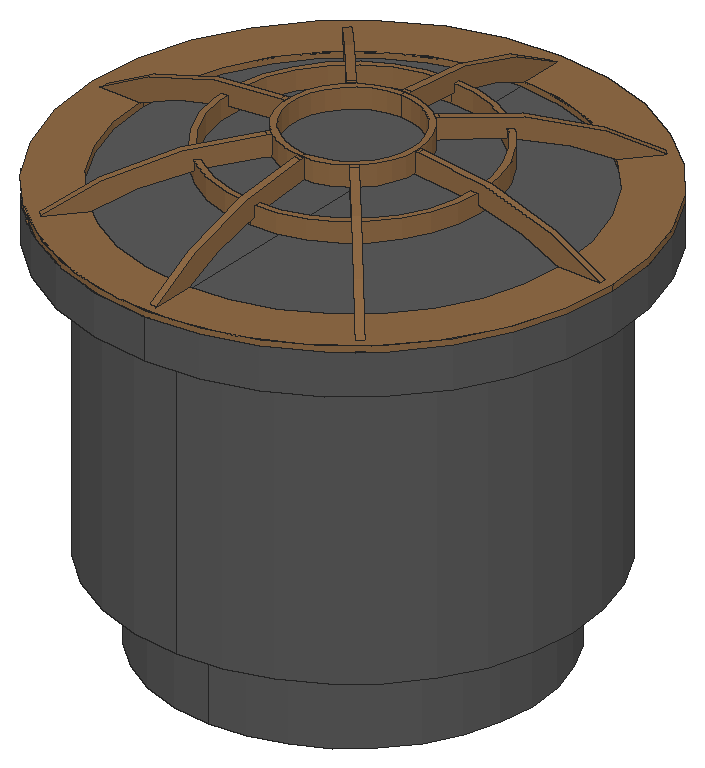
Revit family "LTV8RG", category Lighting Fixtures, host Face, Revit 2014
Parameters (values of type "LTV81RG")
  Wattage Comments = "14W, 23W & 44W"  # constant formula
  Wattage = 44 W
  Warranty = "For full warranty see http://www.\r\nhubbelllighting.com/resources/warranty"  # constant formula
  built-in parameter 1150110 = 1 (stored number, unit not read)
  Voltage = 120 V
  URL = "https://www.hubbell.com/kimlighting/en/"
  built-in parameter 1114217 = 1 (stored number, unit not read)
  Tilt Angle = 90.00°
  built-in parameter 1150109 = 1 (stored number, unit not read)
  built-in parameter 1150134 = 3
  built-in parameter 1150113 = 1 (stored number, unit not read)
  Radius = Diameter / 2  # 6.500"
  Product Page URL = "https://www.hubbell.com/kimlighting/en/Products/Lighting-Controls/Commercial-Outdoor-Lighting/In-Grade/Lightvault-8-RGBW-Rock-Guard/p/248536"
  Product Documentation Link = "https://hubbellcdn.com/specsheet/kl_ltv81rgbw_spec.pdf"
  Power Factor = 1
  Photometric Web File = "ltv81rg-sp-36l3k.ies"
  Photometric Notes = "More IES files download on Photometric Web Link"  # constant formula
  Model = "Lightvault® LTV8DM Directional Marker"  # constant formula
  Manufacturer = "Kim Lighting"  # constant formula
  built-in parameter 1150105 = 134 (stored number, unit not read)
  Lumens = 1683.88 lm
  built-in parameter 1150115 = 1 (stored number, unit not read)
  Load Classification = Lighting
  built-in parameter 1150137 = (empty or 0)
  built-in parameter 1150139 = (empty or 0)
  Lens = Hubbell - White Glass
  built-in parameter 1150112 = 1 (stored number, unit not read)
  built-in parameter 1150114 = 1 (stored number, unit not read)
  Lamp = "36 LEDs"
  built-in parameter 1150132 = (empty or 0)
  built-in parameter 1150102 = (empty or 0)
  built-in parameter 1150107 = 3200 (stored number, unit not read)
  built-in parameter 1150138 = (empty or 0)
  built-in parameter 1150106 = 1.34 (stored number, unit not read)
  Housing Material = Powdercoat - Hubbell - Black
  Height = 10.000"
  Guard Finish = Powdercoat - Hubbell - Bronze
  Features = "■ Bluetooth connectivity for remote control\r\naiming, dimming, color changing\r\n■ Hardwired DMX connectivity for advanced\r\ncontrol (controller supplied by others)\r\n■ Free mobile App for Adroid and iOS\r\n■ IP68 sealed light engine\r"  # constant formula
  Emit from Circle Diameter = Diameter - 1.000"  # 12.000"
  Emit Shape Visible in Rendering = no
  built-in parameter 1150104 = 3.5554 (stored number, unit not read)
  Dimming Lamp Color Temperature Shift = <None>
  Diameter = 13.000"
  Description = "Sealed Light Engine with Bluetooth® Connectivity"  # constant formula
  Default Elevation = 48.000"
  Cover = LTV81RG : LTV81RG
  Color Filter = 16777215
  Certification = "■ UL 1598 Standard for Luminaires.\r\n■ UL 8750 Standard for Safety for Light\r\nEmitting Diode (LED) Equipment for use\r\nin Lighting Products. "  # constant formula
  built-in parameter 1114218 = 1 (stored number, unit not read)
  built-in parameter 1150133 = 10 (stored number, unit not read)
  Apparent Load = 0 VA
Types (2): name | Wattage | Radius | Product Documentation Link | Photometric Web File | built-in parameter 1150105 | Lumens | Lamp | built-in parameter 1150106 | Height | Emit from Circle Diameter | built-in parameter 1150104 | Diameter | Cover
  LTV82RG | 23 W | 5.1875" | "https://hubbellcdn.com/specsheet/kl_ltv82rgbw_spec.pdf" | "ltv82rg-nf-18l4k.ies" | 49.418 (stored number, unit not read) | 621 lm | "18 LEDs" | 0.49418 (stored number, unit not read) | 9.875" | 9.375" | 2.5084 (stored number, unit not read) | 10.375" | LTV82RG : LTV82RG
  LTV81RG | 44 W | 6.500" | "https://hubbellcdn.com/specsheet/kl_ltv81rgbw_spec.pdf" | "ltv81rg-sp-36l3k.ies" | 134 (stored number, unit not read) | 1683.88 lm | "36 LEDs" | 1.34 (stored number, unit not read) | 10.000" | 12.000" | 3.5554 (stored number, unit not read) | 13.000" | LTV81RG : LTV81RG
Reference planes (in)
  plane 1 "Center (Front/Back)": y = 0
  plane 2: z = 0
  plane 3 "Center (Left/Right)": x = 0
  plane 4: y = 6.5
  plane 5: y = -6.5
  plane 6: x = -6.5
  plane 7: x = 6.5
  plane 8: z = 0
  plane 9: y = -5.5
  plane 10: z = -10
  plane 11: z = -1
  plane 12: y = -4.5
  plane 13: z = -8
Forms (in)
  Extrusion 1, void
    sketch origin (0, 0, 0) x (1, 0, 0) y (0, 1, 0)
      loop
        circle (0, 0) r 6.5
    from 0 to -10
  Revolve 2, solid, material "Powdercoat - Hubbell - Black" <- "Housing Material"
    sketch origin (0, 0, 0) x (0, 1, 0) y (0, 0, 1)
      loop
        line (0, 0) -> (-6.5, 0) -> (-6.5, -1) -> (-5.5, -1) -> (-5.5, -8) -> (-4.5, -8) -> (-4.5, -10) -> (0, -10) -> (0, 0)
      axis (0, 0) -> (0, -10)
    angle from 0 to 360
Lines and regions (in)
  symbolic lines
    curve 1: circle (0, 0, 0) r 6.5 normal (0, 0, 1)
Dimensions and locks (in)
  equal spacing: plane 6, plane 3 "Center (Left/Right)", plane 7
  equal spacing: plane 4, plane 1 "Center (Front/Back)", plane 5
  plane 8 to plane 11 = 1.000"
  locked: plane 9 to plane 5 at 1
  locked: plane 12 to plane 9 at 1
  "Diameter": plane 4 to plane 5
  "Diameter": plane 6 to plane 7
  locked: level to plane 11 at 1
  "Height": level to plane 10
  locked: plane 13 to plane 10 at 2
  "Radius": radius of curve 1
  "Radius": radius of Extrusion 1 sketch curve
  aligned and locked: plane 2 to host face
  aligned and locked: level to host face
  aligned and locked: plane 3 "Center (Left/Right)" to Extrusion 1 sketch curve
  aligned and locked: plane 1 "Center (Front/Back)" to Extrusion 1 sketch curve
  aligned and locked: level to Extrusion 1
  aligned and locked: plane 5 to Revolve 2 sketch curve
  aligned and locked: plane 11 to Revolve 2 sketch curve
  aligned and locked: Revolve 2 sketch curve to level
  aligned and locked: plane 9 to Revolve 2 sketch curve
  aligned and locked: plane 12 to Revolve 2 sketch curve
  aligned and locked: plane 10 to Revolve 2 sketch curve
  aligned and locked: plane 1 "Center (Front/Back)" to Revolve 2 sketch curve
  aligned and locked: plane 13 to Revolve 2 sketch curve
  aligned and locked: plane 3 "Center (Left/Right)" to nested 1
  aligned and locked: plane 1 "Center (Front/Back)" to nested 1
Automatic sketch dimensions
  host sketch curve to host sketch curve = 96.000"  (x2)
  Revolve 2 sketch curve to plane 1 "Center (Front/Back)" = 0.000"
  Revolve 2 sketch curve to Revolve 2 sketch curve = 4.85416"
  Revolve 2 sketch curve to Revolve 2 sketch curve = 1.89584"
  plane 1 "Center (Front/Back)" to curve 1 = 0.000"
  curve 1 to plane 3 "Center (Left/Right)" = 0.000"
Nested families (in)
  nested 1: "LTV81RG" at (0, 0, 0), type <- "Cover", Lens <- "Lens", Finish <- "Guard Finish", type "LTV81RG"
    with Lens Hubbell - White Glass, Finish Powdercoat - Hubbell - Bronze
Connectors (in)
  electrical at (0, 0, 0), driven by "Voltage", driven by "Load Classification", driven by "Apparent Load", driven by "Power Factor"
    settings: on host face, index 1, voltage 120 V, apparent load 0 VA, apparent load phase1 0 VA, apparent load phase2 0 VA, apparent load phase3 0 VA, power factor 1, load classification "Lighting", number of poles 1, system type 30, power factor state 1, is connector primary yes, connector utility no, sub classification motor no, connector description "Lighting Connector"
Definition of nested family "LTV81RG"
  Parameters (values of type "LTV81RG")
    URL = "http://www.kimlighting.com/"
    Product Page URL = ""
    Product Documentation Link = ""
    Model = "LTV81RG"
    Manufacturer Phone = "626/968-5666"  # constant formula
    Manufacturer Fax = "626/968-5716"  # constant formula
    Manufacturer = "Kim Lighting"  # constant formula
    Lens [instance] = none
    Height = 0.875"
    Finish [instance] = none
    Diameter = 13.000"
    Depth = 8.250"
  Reference planes (in)
    plane 1 "Center (Front/Back)": y = 0
    plane 2: z = 0
    plane 3 "Center (Left/Right)": x = 0
    plane 4: y = 6.5
    plane 5: y = -6.5
    plane 6: z = 0.875
    plane 7: z = 0.375
    plane 8: x = -6.5
    plane 9: x = 6.5
    plane 10: z = 1.45669
  Forms (in)
    Revolve 1, solid, material <- "Finish"
      sketch origin (0, 0, 0) x (0, 1, 0) y (0, 0, 1)
        loop
          line (-3.05712, 1.07308) -> (-3.20259, 1.07308) -> (-3.20259, 0.59986) -> (-3.05712, 0.59986) -> (-3.05712, 1.07308)
        loop
          line (-1.48722, 1.45669) -> (-1.63269, 1.45669) -> (-1.63269, 0.96187) -> (-1.48722, 0.96187) -> (-1.48722, 1.45669)
        axis (0, 1.45669) -> (0, 0.59986)
      angle from 0 to 360
    Extrusion 2, solid, material <- "Finish"
      sketch origin (0, 0, 0) x (1, 0, 0) y (0, 1, 0)
        loop
          circle (0, 0) r 6.5
        loop
          circle (0, 0) r 5.25
      from 0.14129 to 0
    Extrusion 3, void
      sketch origin (0, 0, 0) x (1, 0, 0) y (0, 1, 0)
        loop
          circle (0, 0) r 6.5
      from -0.97623 to 0
    Sweep 4, solid, material <- "Finish"
      path origin (0, 0, 0) x (0, 1, 0) y (0, 0, 1)
        loop
          line (-1.63269, 1.45669) -> (-1.7254, 1.45669)
          arc (-1.7254, 1.45669) -> (-4.22134, 1.08442) -> (-6.5, 0) r 8.55319
      profile origin (0, -1.67905, 1.45669) x (0, 0, -1) y (1, 0, 0)
        loop
          line (0, 0.09053) -> (0, -0.0756) -> (0.5, -0.0756) -> (0.5, 0.09053) -> (0, 0.09053)
    Sweep 5, solid, material <- "Finish"
      path origin (0, 0, 0) x (0, -1, 0) y (0, 0, 1)
        loop
          line (-1.63269, 1.45669) -> (-1.7254, 1.45669)
          arc (-1.7254, 1.45669) -> (-4.22134, 1.08442) -> (-6.5, 0) r 8.55319
      profile origin (0, 1.67905, 1.45669) x (0, 0, 1) y (1, 0, 0)
        loop
          line (0, 0.09053) -> (-0.5, 0.09053) -> (-0.5, -0.0756) -> (0, -0.0756) -> (0, 0.09053)
    Sweep 6, solid, material <- "Finish"
      path origin (0, 0, 0) x (0.642788, 0.766044, 0) y (0, 0, 1)
        loop
          line (-1.63269, 1.45669) -> (-1.7254, 1.45669)
          arc (-1.7254, 1.45669) -> (-4.22134, 1.08442) -> (-6.5, 0) r 8.55319
      profile origin (-1.07927, -1.28623, 1.45669) x (0, 0, -1) y (0.766044, -0.642788, 0)
        loop
          line (0, 0.09053) -> (0, -0.0756) -> (0.5, -0.0756) -> (0.5, 0.09053) -> (0, 0.09053)
    Sweep 7, solid, material <- "Finish"
      path origin (0, 0, 0) x (0, -1, 0) y (0, 0, 1)
        loop
          line (-1.63269, 1.45669) -> (-1.7254, 1.45669)
          arc (-1.7254, 1.45669) -> (-4.22134, 1.08442) -> (-6.5, 0) r 8.55319
      profile origin (0, 1.67905, 1.45669) x (0, 0, 1) y (1, 0, 0)
        loop
          line (0, 0.09053) -> (-0.5, 0.09053) -> (-0.5, -0.0756) -> (0, -0.0756) -> (0, 0.09053)
    Sweep 8, solid, material <- "Finish"
      path origin (0, 0, 0) x (1, 0, 0) y (0, 0, 1)
        loop
          line (-1.63269, 1.45669) -> (-1.7254, 1.45669)
          arc (-1.7254, 1.45669) -> (-4.22134, 1.08442) -> (-6.5, 0) r 8.55319
      profile origin (-1.67905, 0, 1.45669) x (0, 0, -1) y (0, -1, 0)
        loop
          line (0, 0.09053) -> (0, -0.0756) -> (0.5, -0.0756) -> (0.5, 0.09053) -> (0, 0.09053)
    Sweep 9, solid, material <- "Finish"
      path origin (0, 0, 0) x (-1, 0, 0) y (0, 0, -1)
        loop
          line (-1.63269, -1.45669) -> (-1.7254, -1.45669)
          arc (-1.7254, -1.45669) -> (-4.22134, -1.08442) -> (-6.5, 0) r 8.55319
      profile origin (1.67905, 0, 1.45669) x (0, 0, 1) y (0, -1, 0)
        loop
          line (0, 0.09053) -> (-0.5, 0.09053) -> (-0.5, -0.0756) -> (0, -0.0756) -> (0, 0.09053)
    Sweep 10, solid, material <- "Finish"
      path origin (0, 0, 0) x (-0.642788, 0.766044, 0) y (0, 0, -1)
        loop
          line (-1.63269, -1.45669) -> (-1.7254, -1.45669)
          arc (-1.7254, -1.45669) -> (-4.22134, -1.08442) -> (-6.5, 0) r 8.55319
      profile origin (1.07927, -1.28623, 1.45669) x (0, 0, 1) y (-0.766044, -0.642788, 0)
        loop
          line (0, 0.09053) -> (-0.5, 0.09053) -> (-0.5, -0.0756) -> (0, -0.0756) -> (0, 0.09053)
    Sweep 11, solid, material <- "Finish"
      path origin (0, 0, 0) x (0.642788, -0.766044, 0) y (0, 0, -1)
        loop
          line (-1.63269, -1.45669) -> (-1.7254, -1.45669)
          arc (-1.7254, -1.45669) -> (-4.22134, -1.08442) -> (-6.5, 0) r 8.55319
      profile origin (-1.07927, 1.28623, 1.45669) x (0, 0, 1) y (0.766044, 0.642788, 0)
        loop
          line (0, 0.09053) -> (-0.5, 0.09053) -> (-0.5, -0.0756) -> (0, -0.0756) -> (0, 0.09053)
    Sweep 12, solid, material <- "Finish"
      path origin (0, 0, 0) x (-0.642788, -0.766044, 0) y (0, 0, 1)
        loop
          line (-1.63269, 1.45669) -> (-1.7254, 1.45669)
          arc (-1.7254, 1.45669) -> (-4.22134, 1.08442) -> (-6.5, 0) r 8.55319
      profile origin (1.07927, 1.28623, 1.45669) x (0, 0, -1) y (-0.766044, 0.642788, 0)
        loop
          line (0, 0.09053) -> (0, -0.0756) -> (0.5, -0.0756) -> (0.5, 0.09053) -> (0, 0.09053)
  Cuts and joins
    Extrusion 3 cuts Revolve 1
    Extrusion 3 cuts Extrusion 2
    Extrusion 3 cuts Sweep 4
    Extrusion 3 cuts Sweep 10
    Extrusion 3 cuts Sweep 6
    Extrusion 3 cuts Sweep 8
    Extrusion 3 cuts Sweep 9
    Extrusion 3 cuts Sweep 11
    Extrusion 3 cuts Sweep 7
    Extrusion 3 cuts Sweep 12
    Extrusion 3 cuts Sweep 5
  Dimensions and locks (in)
    equal spacing: plane 4, plane 1 "Center (Front/Back)", plane 5  (x2)
    locked: plane 6 to plane 7 at 0.5
    "Diameter": plane 5 to plane 4
    equal spacing: plane 8, plane 3 "Center (Left/Right)", plane 9
    "Diameter": plane 8 to plane 9
    plane 10 to level = 1.45669"
    aligned and locked: plane 2 to level
    aligned and locked: plane 1 "Center (Front/Back)" to Revolve 1 sketch curve
    aligned and locked: Extrusion 2 to level
  Automatic sketch dimensions
    Revolve 1 sketch curve to plane 10 = 0.000"
    plane 6 to Revolve 1 sketch curve = 0.08687"
    plane 1 "Center (Front/Back)" to Revolve 1 sketch curve = 1.48722"
    Revolve 1 sketch curve to Revolve 1 sketch curve = 0.14548"  (x2)
    plane 6 to Revolve 1 sketch curve = 0.19808"
    Revolve 1 sketch curve to Revolve 1 sketch curve = 1.42442"
    plane 7 to Revolve 1 sketch curve = 0.22486"
    Revolve 1 sketch curve to level = 22.250"
    plane 10 to Revolve 1 sketch curve = 90.25667"
    Extrusion 2 sketch curve to Extrusion 2 sketch curve = 0.000"  (x2)
    plane 1 "Center (Front/Back)" to Extrusion 2 sketch curve = 0.000"
    Extrusion 2 sketch curve to plane 3 "Center (Left/Right)" = 0.000"
    plane 1 "Center (Front/Back)" to Extrusion 3 sketch curve = 0.000"
    Extrusion 3 sketch curve to plane 3 "Center (Left/Right)" = 0.000"
    Sweep 4 sketch curve to level = 0.000"
    Sweep 4 sketch curve to plane 5 = 0.000"
    Sweep 4 sketch curve to plane 10 = 0.000"
    plane 1 "Center (Front/Back)" to Sweep 4 sketch curve = 1.7254"
    Sweep 4 sketch curve to Sweep 4 sketch curve = 0.09271"
    Sweep 4 sketch curve to profile plane = 0.000"
    plane 3 "Center (Left/Right)" to Sweep 4 sketch curve = 0.09053"
    Sweep 4 sketch curve to profile plane = 0.500"
    Sweep 4 sketch curve to plane 3 "Center (Left/Right)" = 0.0756"
    Sweep 5 sketch curve to level = 0.000"
    Sweep 5 sketch curve to plane 4 = 0.000"
    Sweep 5 sketch curve to plane 10 = 0.000"
    plane 1 "Center (Front/Back)" to Sweep 5 sketch curve = 1.7254"
    Sweep 5 sketch curve to Sweep 5 sketch curve = 0.09271"
    Sweep 5 sketch curve to profile plane = 0.000"
    Sweep 5 sketch curve to plane 3 "Center (Left/Right)" = 0.0756"
    profile plane to Sweep 5 sketch curve = 0.500"
    plane 3 "Center (Left/Right)" to Sweep 5 sketch curve = 0.09053"
    Sweep 6 sketch curve to level = 0.000"
    Sweep 6 sketch curve to plane 10 = 0.000"
    Sweep 6 sketch curve to level = 7.09649"
    Sweep 6 sketch curve to Sweep 6 sketch curve = 0.09271"
    Sweep 6 sketch curve to profile plane = 0.000"
    profile plane to Sweep 6 sketch curve = 0.09053"
    Sweep 6 sketch curve to Sweep 6 sketch curve = 0.500"
    Sweep 6 sketch curve to profile plane = 0.0756"
    Sweep 7 sketch curve to level = 0.000"
    Sweep 7 sketch curve to plane 4 = 0.000"
    Sweep 7 sketch curve to plane 10 = 0.000"
    plane 1 "Center (Front/Back)" to Sweep 7 sketch curve = 1.7254"
    Sweep 7 sketch curve to Sweep 7 sketch curve = 0.09271"
    Sweep 7 sketch curve to profile plane = 0.000"
    Sweep 7 sketch curve to plane 3 "Center (Left/Right)" = 0.0756"
    profile plane to Sweep 7 sketch curve = 0.500"
    plane 3 "Center (Left/Right)" to Sweep 7 sketch curve = 0.09053"
    Sweep 8 sketch curve to level = 0.000"
    Sweep 8 sketch curve to plane 8 = 0.000"
    Sweep 8 sketch curve to plane 10 = 0.000"
    Sweep 8 sketch curve to plane 3 "Center (Left/Right)" = 1.7254"
    Sweep 8 sketch curve to Sweep 8 sketch curve = 0.09271"
    Sweep 8 sketch curve to profile plane = 0.000"
    profile plane to Sweep 8 sketch curve = 0.09053"
    Sweep 8 sketch curve to Sweep 8 sketch curve = 0.500"
    Sweep 8 sketch curve to profile plane = 0.0756"
    Sweep 9 sketch curve to level = 0.000"
    Sweep 9 sketch curve to plane 9 = 0.000"
    Sweep 9 sketch curve to plane 10 = 0.000"
    plane 3 "Center (Left/Right)" to Sweep 9 sketch curve = 1.7254"
    Sweep 9 sketch curve to Sweep 9 sketch curve = 0.09271"
    profile plane to Sweep 9 sketch curve = 0.000"
    Sweep 9 sketch curve to profile plane = 0.0756"
    profile plane to Sweep 9 sketch curve = 0.500"
    profile plane to Sweep 9 sketch curve = 0.09053"
    Sweep 10 sketch curve to level = 0.000"
    Sweep 10 sketch curve to plane 10 = 0.000"
    Sweep 10 sketch curve to level = 7.09649"
    Sweep 10 sketch curve to Sweep 10 sketch curve = 0.09271"
    profile plane to Sweep 10 sketch curve = 0.000"
    Sweep 10 sketch curve to profile plane = 0.0756"
    profile plane to Sweep 10 sketch curve = 0.500"
    profile plane to Sweep 10 sketch curve = 0.09053"
    level to Sweep 11 sketch curve = 0.000"
    plane 10 to Sweep 11 sketch curve = 0.000"
    Sweep 11 sketch curve to level = 7.09649"
    Sweep 11 sketch curve to Sweep 11 sketch curve = 0.09271"
    Sweep 11 sketch curve to profile plane = 0.000"
    Sweep 11 sketch curve to profile plane = 0.0756"
    profile plane to Sweep 11 sketch curve = 0.500"
    profile plane to Sweep 11 sketch curve = 0.09053"
    level to Sweep 12 sketch curve = 0.000"
    plane 10 to Sweep 12 sketch curve = 0.000"
    Sweep 12 sketch curve to level = 7.09649"
    Sweep 12 sketch curve to Sweep 12 sketch curve = 0.09271"
    profile plane to Sweep 12 sketch curve = 0.000"
    profile plane to Sweep 12 sketch curve = 0.09053"
    Sweep 12 sketch curve to Sweep 12 sketch curve = 0.500"
    Sweep 12 sketch curve to profile plane = 0.0756"
    radius of Extrusion 2 sketch curve = 6.500"
    radius of Extrusion 2 sketch curve = 5.250"
    radius of Extrusion 3 sketch curve = 6.500"
